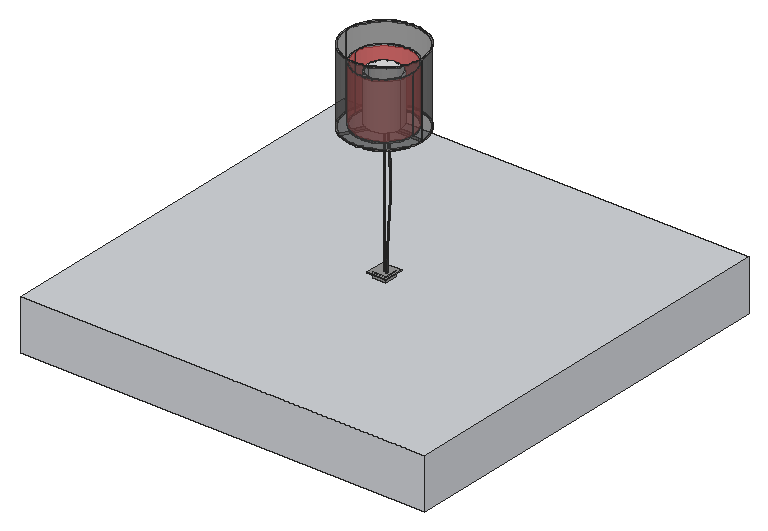
Revit family "Indoor_Pendant Lamp_Santa&Cole_Moaré", category Luminarias, Revit 2018
Family settings
  Anfitrión = Cara
  Cota de conector redondo = Diámetro de uso
  Tipo de pieza = Normal
  Corte con vacíos al cargar = No
  Origen de luz = Sí
  Compartido = No
  Punto de cálculo de habitación = No
Parameters
  Voltaje (90-305 V) = 220 V
  Wattage = 30.7186 W
  Light Source Symbol Size = 50 mm
  built-in parameter 1150110 = 1 (stored number, unit not read)
  URL = "https://www.santacole.com/en/catalogue/pendant-lamps/moare"
  Technical Information = "https://www.santacole.com/recursos/productos/downloads/pdf_espec_tecnicas/SC_Moare_data%20sheet.pdf"
  Manufacturer website = "http://www.santacole.com"
  Longitud de línea de emisión = 50 mm
  Energy Label = "https://www.santacole.com/recursos/productos/downloads/pdf_energy_label/Energy%20Label_MOARE_without_bulb.pdf"
  Designed by = "Antoni Arola. 2003"
  Contact phone = "+34.938.619.100"
  Contact e-mail = "info@santacole.com"
  Code = "MRE31+MRExx+MRExx"
  Assembly Instructions - UL = "https://www.santacole.com/recursos/productos/downloads/pdf_montaje/MOARE_SUSPENSION_im_UL.pdf"
  Assembly Instructions - CE = "https://www.santacole.com/recursos/productos/downloads/pdf_montaje/MOARE_SUSPENSION_im.pdf"
  Aproximated Weight Without Package = 8.00 kg
  built-in parameter 1114217 = 1 (stored number, unit not read)
  built-in parameter 1150109 = 1 (stored number, unit not read)
  built-in parameter 1150134 = (empty or 0)
  built-in parameter 1150113 = 1 (stored number, unit not read)
  Screen Distance to Ceiling [instance] = 810 mm
  Outter Lampshade Material [instance] = Santa & Cole_Black Polyester Fabric_Lampshade
  Outter Lampshade [instance] = Lampshade Type : M
  Modelo = "Moaré"
  Fabricante = "Santa & Cole"
  built-in parameter 1150105 = 363.11 (stored number, unit not read)
  Lumens = 4563 lm
  built-in parameter 1150115 = 1 (stored number, unit not read)
  built-in parameter 1150137 = (empty or 0)
  built-in parameter 1150139 = (empty or 0)
  built-in parameter 1150112 = 1 (stored number, unit not read)
  built-in parameter 1150114 = 1 (stored number, unit not read)
  Inner Lampshade Material [instance] = Santa & Cole_Red Polyester Fabric_Lampshade
  Inner Lampshade [instance] = Lampshade Type : S
  built-in parameter 1150132 = 2
  built-in parameter 1150102 = (empty or 0)
  built-in parameter 1150107 = 2700 (stored number, unit not read)
  built-in parameter 1150138 = (empty or 0)
  built-in parameter 1150106 = 3.6311 (stored number, unit not read)
  built-in parameter 1150104 = 13.8 (stored number, unit not read)
  Dimming Lamp Color Temperature Shift = (empty or 0)
  Default Elevation = 1219.2 mm
  Color Filter = 16777215
  built-in parameter 1114218 = 1 (stored number, unit not read)
  built-in parameter 1150133 = 10 (stored number, unit not read)
  Apparent Load = 36 VA
Reference planes
  plane 1 "Center (Front/Back)": y = 0
  plane 2: z = 0
  plane 3 "Center (Left/Right)": x = 0
  plane 4 "Screen": z = 810
Forms (mm)
  Extrusion 1, solid
    sketch origin (0, 0, 0) x (1, 0, 0) y (0, 1, 0)
      loop
        line (-1219.2, 1219.2) -> (-1219.2, -1219.2) -> (1219.2, -1219.2) -> (1219.2, 1219.2) -> (-1219.2, 1219.2)
    from 0 to -304.8
  Extrusion 2, solid, material "Santa & Cole_Acrylsatiné Methacrylate"
    sketch origin (0, 0, 810) x (-1, 0, 0) y (0, -1, 0)
      loop
        circle (0, 0) r 100
      loop
        circle (0, 0) r 97
    from 25 to 306.5
  Extrusion 3, solid, material "Santa&Cole_Metallic Graphite Grey"
    sketch origin (0, 0, 0) x (1, 0, 0) y (0, 1, 0)
      loop
        line (-60, 60) -> (-60, -60) -> (60, -60) -> (60, 60) -> (-60, 60)
    from 30 to 31.5
  Extrusion 4, solid, material "Santa&Cole_Metallic Graphite Grey"
    sketch origin (0, 0, 0) x (1, 0, 0) y (0, 1, 0)
      loop
        line (-40, 40) -> (-40, -40) -> (40, -40) -> (40, 40) -> (-40, 40)
    from 0 to 30
  Revolve 5, solid, material "Santa&Cole_Metallic Graphite Grey"
    sketch origin (0, 0, 0) x (1, 0, 0) y (0, 0, 1)
      loop
        line (0, 837.5) -> (0, 867.139) -> (-59.96, 867.139) -> (-59.96, 839.5) -> (-75, 839.5) -> (-75, 837.5) -> (0, 837.5)
      axis (0, 867.139) -> (0, 837.5)
    angle from 0 to 360
  Extrusion 6, solid, material "Santa&Cole_Metallic Graphite Grey"
    sketch origin (0, 0, 0) x (1, 0, 0) y (0, 1, 0)
      loop
        circle (0, 0) r 0.5
    from 31.5 to 810
  Extrusion 7, solid, material "Santa&Cole_Metallic Graphite Grey"
    sketch origin (0, 0, 810) x (-1, 0, 0) y (0, -1, 0)
      loop
        circle (0, 0) r 7.5
    from -20.5 to 27.5
  Sweep 8, solid, material "Black Wire"
    path origin (0, 0, 0) x (1, 0, 0) y (0, 0, 1)
      loop
        spline (15, 31.5) -> (16.698, 124.107) -> (20.789, 209.237) -> (25.771, 285.078) -> (30.284, 350.461) -> (33.789, 407.913) -> (36.041, 461.275) -> (36.793, 514.378) -> (35.878, 569.777) -> (33.265, 627.743) -> (28.944, 688.298) -> (23.975, 750.255) -> (21.552, 810)
    profile origin (36.041, 0, 461.275) x (-0.99957, 0, 0.029315) y (0, -1, 0)
      loop
        circle (0, 0) r 3
  Revolve 9, solid, material "Santa&Cole_Metallic Graphite Grey"
    sketch origin (0, 0, 0) x (1, 0, 0) y (0, 0, 1)
      loop
        line (8.549, 31.5) -> (15, 31.5) -> (15, 40.5) -> (9.952, 40.5) -> (8.549, 39.097) -> (8.549, 31.5)
      axis (15, 40.5) -> (15, 31.5)
    angle from 0 to 360
  Extrusion 10, solid, material "Santa&Cole_Metallic Graphite Grey"
    sketch origin (21.204, 0, 810) x (-1, 0, 0) y (0, -1, 0)
      loop
        circle (0, 0) r 6.5
    from -2.028 to 27.5
Cuts and joins
  joined: Extrusion 3, Extrusion 4
Dimensions and locks
  "Screen Distance to Ceiling": plane 4 "Screen" to Extrusion 1
  aligned and locked: plane 2 to Extrusion 1
  aligned and locked: level to Extrusion 1
  aligned and locked: plane 4 "Screen" to Extrusion 6
  aligned and locked: cut or joined group of Extrusion 3, Extrusion 4 to Sweep 8 sketch curve
Automatic sketch dimensions
  Extrusion 1 sketch curve to Extrusion 1 sketch curve = 2438.4 mm  (x2)
  Extrusion 2 sketch curve to Extrusion 2 sketch curve = 0 mm  (x2)
  plane 1 "Center (Front/Back)" to Extrusion 2 sketch curve = 0 mm
  Extrusion 2 sketch curve to plane 3 "Center (Left/Right)" = 0 mm
  Extrusion 3 sketch curve to plane 3 "Center (Left/Right)" = 60 mm
  plane 1 "Center (Front/Back)" to Extrusion 3 sketch curve = 60 mm
  plane 3 "Center (Left/Right)" to Extrusion 3 sketch curve = 60 mm
  Extrusion 3 sketch curve to plane 1 "Center (Front/Back)" = 60 mm
  Extrusion 4 sketch curve to plane 3 "Center (Left/Right)" = 40 mm
  plane 1 "Center (Front/Back)" to Extrusion 4 sketch curve = 40 mm
  plane 3 "Center (Left/Right)" to Extrusion 4 sketch curve = 40 mm
  Extrusion 4 sketch curve to plane 1 "Center (Front/Back)" = 40 mm
  Revolve 5 sketch curve to plane 3 "Center (Left/Right)" = 0 mm  (x2)
  Revolve 5 sketch curve to Revolve 5 sketch curve = 59.96 mm
  Revolve 5 sketch curve to Revolve 5 sketch curve = 15.04 mm
  Revolve 5 sketch curve to Revolve 5 sketch curve = 2 mm
  Revolve 5 sketch curve to Revolve 5 sketch curve = 29.639 mm
  Revolve 5 sketch curve to Revolve 5 sketch curve = 14.861 mm
  plane 1 "Center (Front/Back)" to Extrusion 6 sketch curve = 0 mm
  Extrusion 6 sketch curve to plane 3 "Center (Left/Right)" = 0 mm
  plane 1 "Center (Front/Back)" to Extrusion 7 sketch curve = 0 mm
  Extrusion 7 sketch curve to plane 3 "Center (Left/Right)" = 0 mm
  plane 3 "Center (Left/Right)" to Sweep 8 sketch curve = 15 mm
  plane 3 "Center (Left/Right)" to Sweep 8 sketch curve = 21.552 mm
  plane 1 "Center (Front/Back)" to Sweep 8 sketch curve = 0 mm
  Sweep 8 sketch curve to profile plane = 0 mm
  plane 3 "Center (Left/Right)" to Revolve 9 sketch curve = 8.549 mm
  level to Revolve 9 sketch curve = 31.5 mm
  Revolve 9 sketch curve to Revolve 9 sketch curve = 1.403 mm  (x2)
  Revolve 9 sketch curve to Revolve 9 sketch curve = 6.451 mm
  Revolve 9 sketch curve to Revolve 9 sketch curve = 0 mm
  Revolve 9 sketch curve to Revolve 9 sketch curve = 7.597 mm
  Revolve 9 sketch curve to Revolve 9 sketch curve = 1.5 mm
  Revolve 9 sketch curve to Revolve 9 sketch curve = 1.29 mm
  plane 1 "Center (Front/Back)" to Extrusion 10 sketch curve = 0 mm
  plane 3 "Center (Left/Right)" to Extrusion 10 sketch curve = 21.204 mm
  Sweep 8 sketch curve to plane 4 "Screen" = 0 mm
  plane 4 "Screen" to Revolve 5 sketch curve = 27.5 mm
  plane 4 "Screen" to Revolve 5 sketch curve = 12.5 mm
  radius of Extrusion 2 sketch curve = 100 mm
  radius of Extrusion 2 sketch curve = 97 mm
  radius of Extrusion 6 sketch curve = 0.5 mm
  radius of Extrusion 7 sketch curve = 7.5 mm
  radius of Sweep 8 sketch curve = 3 mm
  radius of Extrusion 10 sketch curve = 6.5 mm
Nested families
  nested 1: "Lampshade Type" at (0, 0, 810), type <- "Outter Lampshade", Lampshade Material <- "Outter Lampshade Material", type "M"
    with Structure Material Santa&Cole_Metallic Graphite Grey, Lampshade Material Santa & Cole_Black Polyester Fabric_Lampshade, Lampshade Diameter 460 mm, Lampshade Height 450 mm, Inner Lampshade Radius 229 mm, Inner Lampshade Diameter 458 mm
  nested 2: "Lampshade Type" at (0, 0, 822.5), type <- "Inner Lampshade", Lampshade Material <- "Inner Lampshade Material", type "S"
    with Structure Material Santa&Cole_Metallic Graphite Grey, Lampshade Material Santa & Cole_Red Polyester Fabric_Lampshade, Lampshade Diameter 350 mm, Lampshade Height 340 mm, Inner Lampshade Radius 174 mm, Inner Lampshade Diameter 348 mm
Connectors
  electrical at (0, 0, 0), driven by "Voltaje (90-305 V)", driven by "Apparent Load"
    settings: index 1, voltage 220 V, apparent load 0 VA, apparent load phase1 36 VA, apparent load phase2 0 VA, apparent load phase3 0 VA, power factor 1, load classification "Iluminación", number of poles 1, system type 31, power factor state 1, is connector primary yes, connector utility no, sub classification motor no, connector description ""
Definition of nested family "Lampshade Type"
  Parameters
    Structure Material [instance] = none
    Lampshade Material [instance] = none
    Lampshade Diameter = 830 mm
    Lampshade Height = 810 mm
    Inner Lampshade Radius = Inner Lampshade Diameter / 2  # 414 mm
    Inner Lampshade Diameter = Lampshade Diameter - 2 mm  # 828 mm
    Default Elevation = 1219.2 mm
  Reference planes
    plane 1 "Center (Front/Back)": y = 0
    plane 2: z = 0
    plane 3 "Center (Left/Right)": x = 0
  Forms (mm)
    Extrusion 1, solid, material <- "Lampshade Material"
      sketch origin (0, 0, 0) x (1, 0, 0) y (0, 1, 0)
        loop
          circle (0, 0) r 415
        loop
          circle (0, 0) r 414
      from 0 to 810 <- "Lampshade Height"
    Extrusion 2, solid, material <- "Structure Material"
      sketch origin (0, 0, 0) x (-0.5, -0.866025, 0) y (0, 0, 1)
        loop
          line (0.454, 0) -> (414.454, 0) -> (414.454, 2.5)
          arc (414.454, 2.5) -> (411.525, 9.571) -> (404.454, 12.5) r 10
          line (404.454, 12.5) -> (0.454, 12.5) -> (0.454, 0)
      from -1 to 1
    Extrusion 3, solid, material <- "Structure Material"
      sketch origin (0, 0, 0) x (-0.5, 0.866025, 0) y (0, 0, 1)
        loop
          line (0.454, 0) -> (414.454, 0) -> (414.454, 2.5)
          arc (414.454, 2.5) -> (411.525, 9.571) -> (404.454, 12.5) r 10
          line (404.454, 12.5) -> (0.454, 12.5) -> (0.454, 0)
      from -1 to 1
    Extrusion 4, solid, material <- "Structure Material"
      sketch origin (0, 0, 0) x (1, 0, 0) y (0, 0, 1)
        loop
          line (0.454, 0) -> (414.454, 0) -> (414.454, 2.5)
          arc (414.454, 2.5) -> (411.525, 9.571) -> (404.454, 12.5) r 10
          line (404.454, 12.5) -> (0.454, 12.5) -> (0.454, 0)
      from -1 to 1
    Sweep 5, solid, material <- "Structure Material"
      path in 3D
        loop
          arc (415, 0, 0) -> (0, 415, 0) -> (-415, 0, 0) r 415
          arc (-415, 0, 0) -> (0, -415, 0) -> (415, 0, 0) r 415
      profile origin (0, -415, 0) x (0, -1, 0) y (0, 0, -1)
        loop
          circle (-2.5, -2.5) r 2.5
    Sweep 6, solid, material <- "Structure Material"
      path in 3D
        loop
          arc (415, 0, 810) -> (0, -415, 810) -> (-415, 0, 810) r 415
          arc (-415, 0, 810) -> (0, 415, 810) -> (415, 0, 810) r 415
      profile origin (0, 415, 810) x (0, 1, 0) y (0, 0, 1)
        loop
          circle (-2.5, -2.5) r 2.5
  Lines and regions (mm)
    reference lines
      curve 1: line (0, 0, 0) -> (-317.5, -549.926, 0)
      curve 2: line (0, 0, 0) -> (-310, 536.936, 0)
      curve 3: line (0, 0, 0) -> (635, 0, 0)
    sketch lines
      curve 4: arc (-415, 0, 0) -> (0, -415, 0) -> (415, 0, 0) r 415
      curve 5: arc (415, 0, 0) -> (0, 415, 0) -> (-415, 0, 0) r 415
      curve 6: arc (-415, 0, 810) -> (0, 415, 810) -> (415, 0, 810) r 415
      curve 7: arc (415, 0, 810) -> (0, -415, 810) -> (-415, 0, 810) r 415
  Dimensions and locks
    "Inner Lampshade Radius": Extrusion 2 sketch curve to Extrusion 2 sketch curve
    "Inner Lampshade Radius": Extrusion 3 sketch curve to Extrusion 3 sketch curve
    "Inner Lampshade Radius": Extrusion 4 sketch curve to Extrusion 4 sketch curve
    "Lampshade Diameter": diameter of Extrusion 1 sketch curve
    "Inner Lampshade Diameter": diameter of Extrusion 1 sketch curve
    aligned and locked: level to plane 2
  Automatic sketch dimensions
    curve 2 to plane 3 "Center (Left/Right)" = 0 mm
    plane 3 "Center (Left/Right)" to curve 3 = 635 mm
    curve 2 to plane 3 "Center (Left/Right)" = 310 mm
    curve 2 to plane 1 "Center (Front/Back)" = 536.936 mm
    plane 1 "Center (Front/Back)" to curve 3 = 0 mm
    curve 1 to plane 3 "Center (Left/Right)" = 317.5 mm
    plane 1 "Center (Front/Back)" to curve 1 = 549.926 mm
    profile plane to Sweep 5 sketch curve = 2.5 mm
    Sweep 5 sketch curve to profile plane = 2.5 mm
    profile plane to Sweep 6 sketch curve = 2.5 mm
    Sweep 6 sketch curve to profile plane = 2.5 mm
    Extrusion 1 sketch curve to Extrusion 1 sketch curve = 0 mm  (x2)
    plane 1 "Center (Front/Back)" to Extrusion 1 sketch curve = 0 mm
    Extrusion 1 sketch curve to plane 3 "Center (Left/Right)" = 0 mm
    Extrusion 2 sketch curve to curve 1 = 0 mm
    curve 1 to Extrusion 2 sketch curve = 0.454 mm
    Extrusion 2 sketch curve to curve 1 = 2.5 mm
    Extrusion 2 sketch curve to curve 1 = 12.5 mm
    Extrusion 3 sketch curve to curve 2 = 0 mm
    curve 2 to Extrusion 3 sketch curve = 0.454 mm
    Extrusion 3 sketch curve to curve 2 = 2.5 mm
    Extrusion 3 sketch curve to curve 2 = 12.5 mm
    Extrusion 4 sketch curve to curve 3 = 0 mm
    curve 3 to Extrusion 4 sketch curve = 0.454 mm
    Extrusion 4 sketch curve to curve 3 = 2.5 mm
    Extrusion 4 sketch curve to curve 3 = 12.5 mm
    radius of Sweep 5 sketch curve = 2.5 mm
    radius of Sweep 6 sketch curve = 2.5 mm
